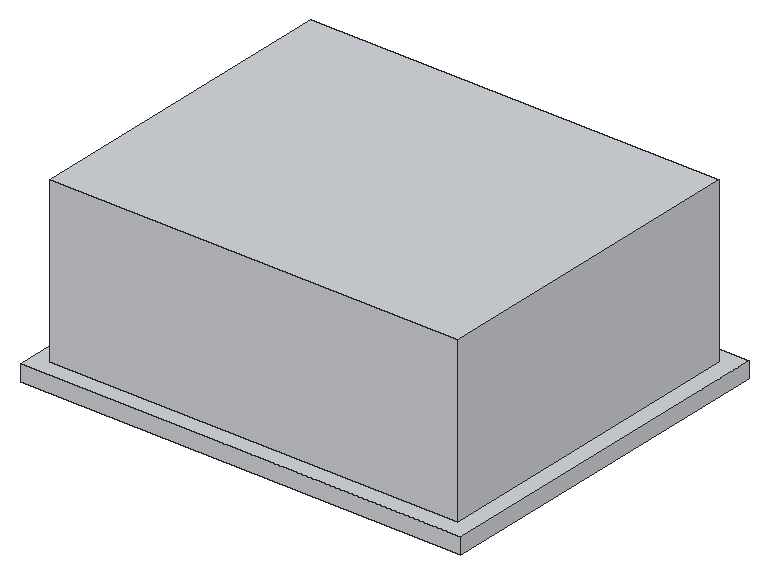
Revit family "Pile Cap for API", category Structural Foundations, Revit 2018
Family settings
  Material for Model Behavior = Other
  Cap = No
  OmniClass Number = 23.25.05.00
  OmniClass Title = Foundations
  Work Plane-Based = No
  Always vertical = Yes
  Cut with Voids When Loaded = No
  Shared = Yes
Parameters
  Width = 2000 mm
  Number of pile segments [instance] = 5
  Length = 2500 mm
  L7 [instance] = 4000 mm
  L6 [instance] = 4000 mm
  L5 [instance] = 4000 mm
  L4 [instance] = 4000 mm
  L3 [instance] = 4000 mm
  L2 [instance] = 4000 mm
  L1 [instance] = 4000 mm
  Foundation Thickness = 1000 mm
  D = 250 mm
Reference planes
  plane 1 "Center (Front/Back)": y = 0
  plane 2: z = 0
  plane 3 "Center (Left/Right)": x = 0
  plane 4: x = -1250
  plane 5: x = 1250
  plane 6: y = 1000
  plane 7: y = -1000
  plane 8: z = -1000
  plane 9: z = -1100
  plane 10: y = 360
  plane 11: y = -360
  plane 12: z = -500
  plane 13: y = 1100
  plane 14: x = -1350
  plane 15: x = 1350
  plane 16: y = -1100
Forms (mm)
  Extrusion 1, solid
    sketch origin (0, 0, 0) x (1, 0, 0) y (0, 1, 0)
      loop
        line (-1250, 1000) -> (-1250, -1000) -> (1250, -1000) -> (1250, 1000) -> (-1250, 1000)
    from 0 to -1000
  Extrusion 2, solid
    sketch origin (0, 0, 0) x (1, 0, 0) y (0, 1, 0)
      loop
        line (-1350, 1100) -> (-1350, -1100) -> (1350, -1100) -> (1350, 1100) -> (-1350, 1100)
    from -1000 to -1100
Cuts and joins
  joined: Extrusion 1, Extrusion 2
Dimensions and locks
  equal spacing: plane 6, plane 1 "Center (Front/Back)", plane 7
  "Width": plane 6 to plane 7
  equal spacing: plane 4, plane 3 "Center (Left/Right)", plane 5
  "Length": plane 4 to plane 5
  locked: plane 8 to plane 9 at 100
  "Foundation Thickness": plane 2 to plane 8
  equal spacing: plane 10, plane 1 "Center (Front/Back)", plane 11
  plane 10 to plane 11 = 720 mm
  plane 12 to plane 8 = 500 mm
  locked: plane 5 to plane 15 at 100
  locked: plane 14 to plane 4 at 100
  locked: plane 13 to plane 6 at 100
  locked: plane 7 to plane 16 at 100
  aligned and locked: plane 2 to level
  aligned and locked: Extrusion 1 sketch curve to plane 6
  aligned and locked: plane 4 to Extrusion 1 sketch curve
  aligned and locked: plane 7 to Extrusion 1 sketch curve
  aligned and locked: Extrusion 1 sketch curve to plane 5
  aligned and locked: Extrusion 1 to plane 2
  aligned and locked: Extrusion 1 to plane 8
  aligned and locked: Extrusion 2 sketch curve to plane 13
  aligned and locked: plane 14 to Extrusion 2 sketch curve
  aligned and locked: plane 16 to Extrusion 2 sketch curve
  aligned and locked: Extrusion 2 sketch curve to plane 15
  aligned and locked: Extrusion 2 to plane 8
  aligned and locked: Extrusion 2 to plane 9
